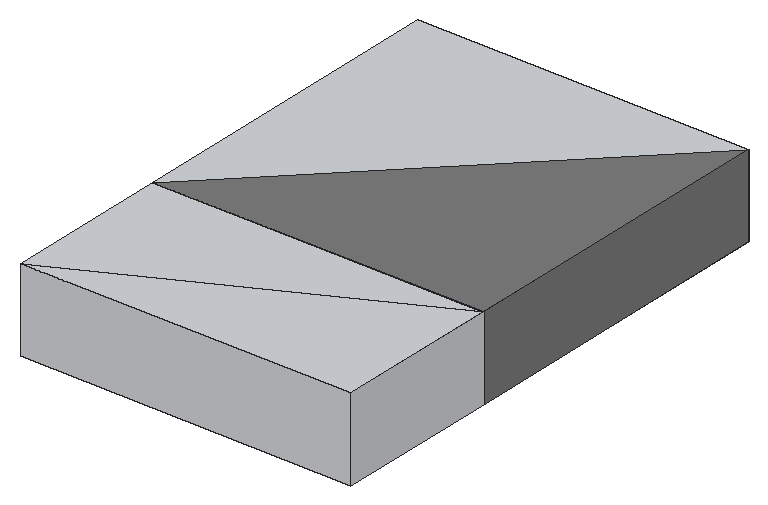
Revit family "電線管用ファミリ(片側のみ)_18", category Electrical Fixtures, Revit 2022
Family settings
  Round Connector Dimension = Use Diameter
  Part Type = Normal
  OmniClass Number = 23.80.00.00
  OmniClass Title = Electric Power and Lighting
  Work Plane-Based = No
  Always vertical = Yes
  Cut with Voids When Loaded = No
  Maintain Annotation Orientation = No
  Shared = No
  Room Calculation Point = No
Parameters
  コネクタ直径 [instance] = 16 mm
  W [instance] = 200 mm
  Default Elevation = 0 mm
  D [instance] = 300 mm
Reference planes
  plane 1 "Center (Front/Back)": y = 0
  plane 2: z = 0
  plane 3 "Center (Left/Right)": x = 0
  plane 4: x = -100
  plane 5: x = 100
  plane 6: y = 200
  plane 7: y = -100
  plane 8: z = 50
Forms (mm)
  Extrusion 1, solid
    sketch origin (0, 0, 0) x (1, 0, 0) y (0, 1, 0)
      loop
        line (-100, 200) -> (-100, -100) -> (100, -100) -> (100, 200) -> (-100, 200)
    from 0 to 50
  Extrusion 2, solid
    sketch origin (0, 0, 0) x (1, 0, 0) y (0, 1, 0)
      loop
        line (100, 0) -> (-100, -100) -> (100, -100) -> (100, 0)
    from 0 to 50
  Extrusion 3, solid, material "Default Solid Fill"
    sketch origin (0, 0, 0) x (1, 0, 0) y (0, 1, 0)
      loop
        line (100, 200) -> (-100, 0) -> (100, 0) -> (100, 200)
    from 0 to 50
Dimensions and locks
  equal spacing: plane 4, plane 3 "Center (Left/Right)", plane 5
  "W": plane 4 to plane 5
  plane 6 to plane 1 "Center (Front/Back)" to plane 7 = 200 mm, 100 mm
  "D": plane 6 to plane 7
  aligned and locked: level to plane 2
  aligned and locked: plane 8 to Extrusion 1
Automatic sketch dimensions
  Extrusion 1 sketch curve to plane 4 = 0 mm
  Extrusion 1 sketch curve to plane 5 = 0 mm
  Extrusion 1 sketch curve to plane 7 = 0 mm
  Extrusion 1 sketch curve to plane 6 = 0 mm
  Extrusion 2 sketch curve to plane 4 = 0 mm
  plane 1 "Center (Front/Back)" to Extrusion 2 sketch curve = 0 mm
  Extrusion 2 sketch curve to plane 5 = 0 mm
  Extrusion 2 sketch curve to plane 7 = 0 mm
  Extrusion 3 sketch curve to plane 4 = 0 mm
  Extrusion 3 sketch curve to plane 5 = 0 mm
  plane 1 "Center (Front/Back)" to Extrusion 3 sketch curve = 0 mm
  Extrusion 3 sketch curve to plane 6 = 0 mm
Connectors
  cabletrayconduit at (0, 50, 50), diameter 16
    settings: on Extrusion 1, index 1, connector width 300 mm, connector height 300 mm, connector angle 0.00°, system type 32, placement type 0, profile type 0, connector reference index -1, is primary connector yes, connector utility param no, connector description ""
